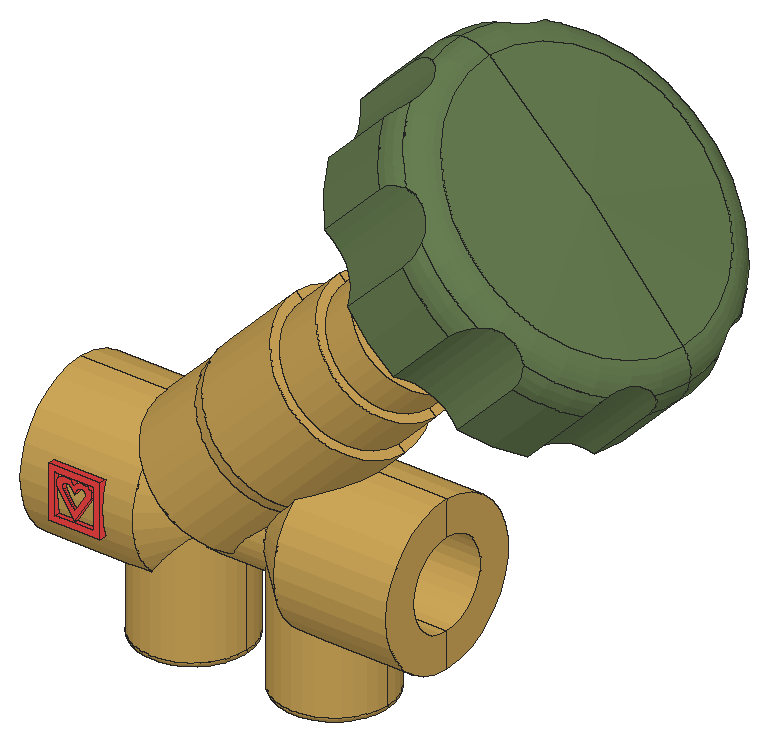
Revit family "Absperrventil 4125 WD", category Rohrzubehör, Revit 2021
Family settings
  Bemaßung runder Anschluss = Durchmesser verwenden
  Teiletyp = Unterbricht
  OmniClass-Nummer = 23.65.55.14
  OmniClass-Titel = Valves for Liquid Services
  Arbeitsebenenbasiert = Nein
  Immer vertikal = Ja
  Beim Laden mit Abzugskörper schneiden = Nein
  Gemeinsam genutzt = Nein
Parameters
  W01 = 45.00°  # constant formula
  Vorgabe-Ansicht = 0 mm
  URL = "www.herz-armaturen.at"
  Technische möglicher Einsatz = " "  # constant formula
  Spindel = "Messing CW617N"  # constant formula
  SW01 = 60.00°  # constant formula
  SC_NennweiteBerechnet = 0
  SC_Dimension = ""
  SCTWSEQ = "FW_SBT_TYP_FW=\"109\";2"
  SCTWCODE = "04;00;02"  # constant formula
  S03 = 60 mm  # constant formula
  S02 [instance] = L06 + L09 + L12 + L15  # 77.9 mm
  S01 [instance] = R01 * 2  # 27 mm
  R12 [instance] = R01 - 1 mm  # 12.5 mm
  R11 [instance] = size_lookup("4125WD_", "R11", 46.5 mm, Nennweite)  # 5.1 mm
  R100 = 1 mm  # constant formula
  R10 [instance] = size_lookup("4125WD_", "R10", 46.5 mm, Nennweite)  # 8 mm
  R09 [instance] = size_lookup("4125WD_", "R9", 46.5 mm, Nennweite)  # 10.5 mm
  R08 [instance] = size_lookup("4125WD_", "R8", 46.5 mm, Nennweite)  # 12 mm
  R07 [instance] = size_lookup("4125WD_", "R7", 46.5 mm, Nennweite)  # 13.5 mm
  R06 [instance] = size_lookup("4125WD_", "R6", 43 mm, Nennweite)  # 13 mm
  R05 [instance] = Nennweite / 2  # 7.5 mm
  R03 = 9.5 mm  # constant formula
  R02 [instance] = Nennweite / 2  # 7.5 mm
  R01 [instance] = size_lookup("4125WD_", "R1", 11.5 mm, Nennweite)  # 13.5 mm
  Oberteil = "entzinkungsbeständiges Messing CW626N"  # constant formula
  Nennweite [instance] = 15 mm
  Min. Durchfluss bei Dp 10 kPa [instance] = if(Nennweite = 15 mm, 0.5 L/s, if(Nennweite = 20 mm, 1.0 L/s, if(Nennweite = 25 mm, 1.75 L/s, if(Nennweite = 32 mm, 3.0 L/s, if(Nennweite = 40 mm, 4.0 L/s, if(Nennweite = 50 mm, 6.75 L/s, if(Nennweite = 65 mm, 11.0 L/s, if(Nennweite = 80 mm, 16.0 L/s, 0.0 L/s))))))))  # 0.5 L/s
  Medium = "Trinkwasser"  # constant formula
  Max. Gebrauchstemperatur (ÖVGW) = 65 °C  # constant formula
  Max. Differenzdruck auf geschlossenen Sitz = 1000000.0 Pa  # constant formula
  Max. Betriebstemperatur = 80 °C  # constant formula
  Max. Betriebsdruck (ÖVGW) = 1000000.0 Pa  # constant formula
  Max. Betriebsdruck = 2000000.0 Pa  # constant formula
  L16 [instance] = L01 / 2  # 10 mm
  L15 [instance] = size_lookup("4125WD_", "L15", 12.4 mm, Nennweite)  # 12.4 mm
  L14 [instance] = size_lookup("4125WD_", "L14", 81 mm, Nennweite)  # 6 mm
  L12 [instance] = size_lookup("4125WD_", "L12", 81 mm, Nennweite)  # 26 mm
  L11 [instance] = size_lookup("4125WD_", "L11", 60 mm, Nennweite)  # 6.7 mm
  L10 [instance] = size_lookup("4125WD_", "L10", 20 mm, Nennweite)  # 9.3 mm
  L09 [instance] = size_lookup("4125WD_", "L9", 11 mm, Nennweite)  # 17 mm
  L08 [instance] = size_lookup("4125WD_", "L8", 35 mm, Nennweite)  # 20 mm
  L07 [instance] = size_lookup("4125WD_", "L7", 35 mm, Nennweite)  # 12.5 mm
  L06 [instance] = size_lookup("4125WD_", "L6", 118 mm, Nennweite) - L09  # 22.5 mm
  L03 = 15 mm  # constant formula
  L02 [instance] = size_lookup("4125WD_", "L2", 22 mm, Nennweite)  # 6 mm
  L01 [instance] = size_lookup("4125WD_", "L1", 48 mm, Nennweite)  # 20 mm
  L00 [instance] = size_lookup("4125WD_", "L", 180 mm, Nennweite)  # 65 mm
  Kegel = "entzinkungsbeständiges Messing CW626N"  # constant formula
  Hinweis = "Gemäß Art 33 der REACH-Verordnung (EG Nr. 1907/2006) sind wir verpflichtet, darauf hinzuweisen, dass der Stoff Blei auf der SVHC-Liste geführt wird und dass alle aus Messing bestehenden Bauteile, die in unseren Erzeugnissen verarbeitet sind, mehr als 0,1 % (w/w) Blei (CAS: 7439-92-1 / EINECS: 231-100-4) enthalten.\r\nDa Blei als Legierungsbestandteil fest gebunden ist, sind keine Expositionen zu erwarten und daher sind keine zusätzlichen Angaben zur sicheren Verwendung notwendig."
  Hersteller = "HERZ Armaturen Ges.m.b.H."  # constant formula
  Handrad = "Kunststoff, grün"  # constant formula
  H01 [instance] = size_lookup("4125WD_", "H1", 53 mm, Nennweite)  # 24 mm
  Gelegentliche Temperaturanstiege = "bis 95°C, wenn sie nicht länger als 1 h andauern"  # constant formula
  Gehäuse = "entzinkungsbeständiges Gussmessing CC770S"  # constant formula
  Dichtungen = "EPDM nach KTW"  # constant formula
  DN80 [instance] = Nennweite = 80 mm  # no
  DN65 [instance] = Nennweite = 65 mm  # no
  DN50 [instance] = Nennweite = 50 mm  # no
  DN40 [instance] = Nennweite = 40 mm  # no
  DN32 [instance] = Nennweite = 32 mm  # no
  DN25 [instance] = Nennweite = 25 mm  # no
  DN20 [instance] = Nennweite = 20 mm  # no
  DN15 [instance] = Nennweite = 15 mm  # yes
  Bestellnummer [instance] = size_lookup("4125WD_", "Artnr", 0, Nennweite)  # 2412561
  Anwendungsgebiet = "Zum Absperren von Trinkwasserleitungen in Gebäuden."
Reference planes
  plane 1 "Mitte (Vorne/hinten)": y = 0
  plane 2: z = 0
  plane 3 "Mitte (Links/rechts)": x = 0
Forms (mm)
  Revolve 1, solid, material "Messing, weicher Gelbton, geschweißt", detail levels fine
    sketch origin (470, 0, 0) x (1, 0, 0) y (0, 0, 1)
      loop
        line (-502.5, 7.5) -> (-487.5, 7.5) -> (-487.5, 0) -> (-452.5, 0) -> (-452.5, 7.5) -> (-437.5, 7.5) -> (-437.5, 13.5) -> (-457.5, 13.5) -> (-464, 7.5) -> (-476, 7.5) -> (-482.5, 13.5) -> (-502.5, 13.5) -> (-502.5, 7.5)
      axis (-502.5, 0) -> (-437.5, 0)
    angle from 0 to 360
  Revolve 2, solid, material "Messing, weicher Gelbton, geschweißt", detail levels fine
    sketch origin (470, 0, 0) x (1, 0, 0) y (0, 0, 1)
      loop
        line (-492, 0) -> (-492, -23)
        arc (-492, -23) -> (-491.707, -23.707) -> (-491, -24) r 1
        line (-491, -24) -> (-482.5, -24) -> (-482.5, 0) -> (-492, 0)
      axis (-482.5, 0) -> (-482.5, -24)
    angle from 0 to 360
  Revolve 3, solid, material "Messing, weicher Gelbton, geschweißt", detail levels fine
    sketch origin (-470, 0, 0) x (-1, 0, 0) y (0, 0, 1)
      loop
        line (-492, 0) -> (-492, -23)
        arc (-492, -23) -> (-491.707, -23.707) -> (-491, -24) r 1
        line (-491, -24) -> (-482.5, -24) -> (-482.5, 0) -> (-492, 0)
      axis (-482.5, 0) -> (-482.5, -24)
    angle from 0 to 360
  Revolve 4, solid, material "Messing, weicher Gelbton, geschweißt", detail levels fine
    sketch origin (0.32, 0, -0.105) x (1, 0, 0) y (0, 0, 1)
      loop
        line (-12.82, 0) -> (42.264, 55.084) -> (38.657, 58.69) -> (29.889, 49.922) -> (27.839, 51.972) -> (20.767, 44.901) -> (19, 46.669) -> (14.262, 41.931) -> (13.201, 42.992) -> (6.625, 36.416) -> (5.565, 37.477) -> (-6.456, 25.456) -> (-7.87, 23.335) -> (-17.77, 13.435) -> (-18.123, 5.303) -> (-12.82, 0)
      axis (-12.82, 0) -> (42.264, 55.084)
    angle from 0 to 360
Lines and regions (mm)
  model lines, detail levels coarse+medium
    curve 1: line (-32.5, 0, 13.5) -> (-32.5, 0, -13.5)
    curve 2: line (-32.5, 0, -13.5) -> (32.5, 0, 13.5)
    curve 3: line (32.5, 0, 13.5) -> (32.5, 0, -13.5)
    curve 4: line (32.5, 0, -13.5) -> (-32.5, 0, 13.5)
    curve 5: line (0, 0, 0) -> (38.95, 0, 67.463)
    curve 6: line (12.969, 0, 82.463) -> (64.931, 0, 52.463)
    curve 7: line (-32.5, 13.5, 0) -> (-32.5, -13.5, 0)
    curve 8: line (-32.5, -13.5, 0) -> (32.5, 13.5, 0)
    curve 9: line (32.5, 13.5, 0) -> (32.5, -13.5, 0)
    curve 10: line (32.5, -13.5, 0) -> (-32.5, 13.5, 0)
    curve 11: line (0, 0, 0) -> (38.95, 67.463, 0)
    curve 12: line (12.969, 82.463, 0) -> (64.931, 52.463, 0)
Dimensions and locks
  "H01": plane 2 to Revolve 2 sketch curve
  "L00": Revolve 1 sketch curve to Revolve 1 sketch curve
  equal spacing: Revolve 1 sketch curve, plane 3 "Mitte (Links/rechts)", Revolve 1 sketch curve
  "R01": Revolve 1 sketch curve to Revolve 1 sketch curve  (x2)
  "R02": Revolve 1 sketch curve to Revolve 1 sketch curve  (x3)
  "L01": Revolve 1 sketch curve to Revolve 1 sketch curve  (x2)
  "L02": plane 3 "Mitte (Links/rechts)" to Revolve 1 sketch curve
  "L02": Revolve 1 sketch curve to plane 3 "Mitte (Links/rechts)"
  "L03": Revolve 1 sketch curve to Revolve 1 sketch curve  (x2)
  "L01": Revolve 1 to Revolve 2 sketch curve
  "R03": Revolve 2 sketch curve to Revolve 2 sketch curve
  "L01": Revolve 3 sketch curve to Revolve 1
  "R03": Revolve 3 sketch curve to Revolve 3 sketch curve
  "H01": plane 2 to Revolve 3 sketch curve
  "R07": Revolve 4 sketch curve to Revolve 4 sketch curve
  "L07": plane 3 "Mitte (Links/rechts)" to Revolve 4 sketch curve
  "R05": Revolve 4 sketch curve to Revolve 4 sketch curve
  "L06": Revolve 4 sketch curve to Revolve 4 sketch curve
  "L08": Revolve 4 sketch curve to Revolve 4 sketch curve
  "R06": Revolve 4 sketch curve to Revolve 4 sketch curve
  "L14": Revolve 4 sketch curve to Revolve 4 sketch curve
  "L09": Revolve 4 sketch curve to Revolve 4 sketch curve
  "R08": Revolve 4 sketch curve to Revolve 4 sketch curve
  "L10": Revolve 4 sketch curve to Revolve 4 sketch curve
  "R09": Revolve 4 sketch curve to Revolve 4 sketch curve
  "R10": Revolve 4 sketch curve to Revolve 4 sketch curve
  "L12": Revolve 4 sketch curve to Revolve 4 sketch curve
  "R11": Revolve 4 sketch curve to Revolve 4 sketch curve
  "L15": Revolve 4 sketch curve to Revolve 4 sketch curve
  "L11": Revolve 4 sketch curve to Revolve 4 sketch curve
  "R12": nested 9 to plane 1 "Mitte (Vorne/hinten)"
  "L16": Revolve 1 to nested 9
  equal spacing: curve 1, plane 3 "Mitte (Links/rechts)", curve 3
  "L00": curve 1 to curve 3
  equal spacing: curve 4, plane 2, curve 2
  "S01": curve 4 to curve 2
  equal spacing: curve 3, plane 2, curve 4
  "S01": curve 3 to curve 4
  "S02": curve 5 to curve 5
  equal spacing: curve 6, curve 5, curve 6
  "S03": curve 6 to curve 6
  equal spacing: curve 7, plane 3 "Mitte (Links/rechts)", curve 9
  "L00": curve 7 to curve 9
  equal spacing: curve 8, plane 1 "Mitte (Vorne/hinten)", curve 10
  "S01": curve 10 to curve 8
  equal spacing: curve 10, plane 1 "Mitte (Vorne/hinten)", curve 9
  "S01": curve 9 to curve 10
  "S02": curve 11 to curve 11
  equal spacing: curve 12, curve 11, curve 12
  "S03": curve 12 to curve 12
  "R100": radius of Revolve 2 sketch curve
  "R100": radius of Revolve 3 sketch curve
  "W01": angle plane 2 to Revolve 4 sketch curve
  "W01": angle level to Revolve 4 sketch curve
  "SW01": angle plane 2 to curve 5
  "SW01": angle plane 1 "Mitte (Vorne/hinten)" to curve 11
  aligned and locked: level to plane 2
Automatic sketch dimensions
  curve 5 to level = 0 mm
  plane 1 "Mitte (Vorne/hinten)" to curve 11 = 0 mm
  Revolve 1 sketch curve to level = 0 mm  (x2)
  Revolve 1 sketch curve to Revolve 1 sketch curve = 791.99 mm
  Revolve 1 sketch curve to Revolve 1 sketch curve = 2278.983 mm
  Revolve 2 sketch curve to level = 0 mm  (x2)
  Revolve 2 sketch curve to Revolve 2 sketch curve = 0 mm
  Revolve 2 sketch curve to Revolve 2 sketch curve = 0.292 mm
  Revolve 3 sketch curve to level = 0 mm  (x2)
  Revolve 3 sketch curve to Revolve 3 sketch curve = 0 mm
  Revolve 3 sketch curve to Revolve 3 sketch curve = 0.292 mm
  Revolve 4 sketch curve to level = 0.105 mm
  Revolve 4 sketch curve to Revolve 4 sketch curve = 0 mm  (x2)
Nested families
  nested 1: "Strömax-Handrad_Schrägsitz (Grün)" at (42.584, 0, 54.979), visible <- "DN15", type "Strömax-Handrad_Schrägsitz (Grün)", detail levels fine
    with Nennweite 0 mm, Gewicht 0.00 kg, Bestellnummer 0
  nested 2: "Strömax-Handrad_Schrägsitz (Grün)" at (54.312, 0, 67.707), visible <- "DN20", type "Strömax-Handrad_Schrägsitz (Grün)", detail levels fine
    with Nennweite 0 mm, Gewicht 0.00 kg, Bestellnummer 0
  nested 3: "Strömax-Handrad_Schrägsitz (Grün)" at (62.469, 0, 80.364), visible <- "DN25", type "Strömax-Handrad_Schrägsitz (Grün)", detail levels fine
    with Nennweite 0 mm, Gewicht 0.00 kg, Bestellnummer 0
  nested 4: "Strömax-Handrad_Schrägsitz (Grün)" at (71.712, 0, 91.607), visible <- "DN32", type "Strömax-Handrad_Schrägsitz (Grün)", detail levels fine
    with Nennweite 0 mm, Gewicht 0.00 kg, Bestellnummer 0
  nested 5: "Strömax-Handrad_Schrägsitz (Grün)" at (80.399, 0, 101.294), visible <- "DN40", type "Strömax-Handrad_Schrägsitz (Grün)", detail levels fine
    with Nennweite 0 mm, Gewicht 0.00 kg, Bestellnummer 0
  nested 6: "Strömax-Handrad_Schrägsitz (Grün)" at (97.83, 0, 129.225), visible <- "DN50", type "Strömax-Handrad_Schrägsitz (Grün)", detail levels fine
    with Nennweite 0 mm, Gewicht 0.00 kg, Bestellnummer 0
  nested 7: "Strömax-Handrad_Schrägsitz (Grün)" at (114.482, 0, 149.378), visible <- "DN65", type "Strömax-Handrad_Schrägsitz (Grün)", detail levels fine
    with Nennweite 0 mm, Gewicht 0.00 kg, Bestellnummer 0
  nested 8: "Strömax-Handrad_Schrägsitz (Grün)" at (140.423, 0, 183.319), visible <- "DN80", type "Strömax-Handrad_Schrägsitz (Grün)", detail levels fine
    with Nennweite 0 mm, Gewicht 0.00 kg, Bestellnummer 0
  nested 9: "Herz-Logo-vorne" at (-22.5, -13.232, 0) x (0, 1, 0) z (0, 0, 1), type "Herz-Logo-vorne", detail levels fine
Connectors
  piping at (-17.5, 0, 0), diameter 15, driven by "Nennweite"
    settings: on Revolve 1, index 1, connector inside diameter 609.6 mm, connector length 0 mm, flow factor 0, pipe flow 0.0 L/s, pressure drop 0.0 Pa, fitting loss kfactor 0, connector angle 0.00°, fixture units 0, engagement length 0 mm, angle of deflection 0.00°, flow configuration 0, flow direction 1, fitting loss method 0, system type 29, joint type 0, gender type 0, connector reference index -1, connector utility 0, adjustable connector no, is connector primary yes, connector description ""
  piping at (17.5, 0, 0), diameter 15, driven by "Nennweite"
    settings: on Revolve 1, index 2, connector inside diameter 609.6 mm, connector length 0 mm, flow factor 0, pipe flow 0.0 L/s, pressure drop 0.0 Pa, fitting loss kfactor 0, connector angle 0.00°, fixture units 0, engagement length 0 mm, angle of deflection 0.00°, flow configuration 0, flow direction 2, fitting loss method 0, system type 29, joint type 0, gender type 0, connector reference index -1, connector utility 0, adjustable connector no, is connector primary no, connector description ""
Definition of nested family "Strömax-Handrad_Schrägsitz (Grün)"
  Parameters (values of type "Strömax-Handrad_Schrägsitz (Grün)")
    Default Elevation = 0 mm
    URL = "www.herz-armaturen.at"
    Nennweite [instance] = 0 mm
    Manufacturer = "Herz Armaturen GmbH"  # constant formula
    Gewicht [instance] = 0.00 kg
    Bestellnummer [instance] = 0
  Reference planes
    plane 1 "Mitte (Vorne/hinten)": y = 0
    plane 2: z = 0
    plane 3 "Mitte (Links/rechts)": x = 0
  Forms (mm)
    Revolve 1, solid
      sketch origin (0, 0, 0) x (0.707107, 0, -0.707107) y (0.707107, 0, 0.707107)
        loop
          line (0, 0) -> (0, 22)
          arc (0, 22) -> (-12.15, 21.705) -> (-24.271, 20.819) r 250
          arc (-24.271, 20.819) -> (-26.831, 19.959) -> (-28.754, 18.063) r 6
          arc (-28.754, 18.063) -> (-29.682, 16.008) -> (-30, 13.776) r 8
          line (-30, 13.776) -> (-30, 0) -> (0, 0)
        axis (0, 22) -> (0, 0)
      angle from 0 to 360
    Extrusion 2, void
      sketch origin (0, 0, 0) x (0.707107, 0, -0.707107) y (0, 1, 0)
        loop
          circle (14.351, -34.645) r 10
      from 0 to 22
    Extrusion 3, void
      sketch origin (0, 0, 0) x (-0.707107, 0, 0.707107) y (0, -1, 0)
        loop
          circle (14.351, 34.645) r 10
      from 0 to 22
    Extrusion 4, void
      sketch origin (0, 0, 0) x (0, -1, 0) y (0.707107, 0, -0.707107)
        loop
          circle (14.351, 34.645) r 10
      from 0 to 22
    Extrusion 5, void
      sketch origin (0, 0, 0) x (0, 1, 0) y (-0.707107, 0, 0.707107)
        loop
          circle (14.351, -34.645) r 10
      from 0 to 22
    Extrusion 6, void
      sketch origin (0, 0, 0) x (0, -1, 0) y (0.707107, 0, -0.707107)
        loop
          circle (14.351, -34.645) r 10
      from 0 to 22
    Extrusion 7, void
      sketch origin (0, 0, 0) x (0, 1, 0) y (-0.707107, 0, 0.707107)
        loop
          circle (14.351, 34.645) r 10
      from 0 to 22
    Extrusion 8, void
      sketch origin (0, 0, 0) x (0.707107, 0, -0.707107) y (0, 1, 0)
        loop
          circle (14.351, 34.645) r 10
      from 0 to 22
    Extrusion 9, void
      sketch origin (0, 0, 0) x (-0.707107, 0, 0.707107) y (0, -1, 0)
        loop
          circle (14.351, -34.645) r 10
      from 0 to 22
  Cuts and joins
    Extrusion 2, Extrusion 3, Extrusion 4, Extrusion 5, Extrusion 6, Extrusion 7, Extrusion 8, Extrusion 9 cuts Revolve 1
  Dimensions and locks
    aligned and locked: level to plane 2
Definition of nested family "Herz-Logo-vorne"
  Parameters (values of type "Herz-Logo-vorne")
    Default Elevation = 0 mm
  Reference planes
    plane 1 "Mitte (Vorne/hinten)": y = 0
    plane 2: z = 0
    plane 3 "Mitte (Links/rechts)": x = 0
  Forms (mm)
    Extrusion 1, solid
      sketch origin (0.732, -0.018, 0.017) x (0, -1, 0) y (0, 0, 1)
        loop
          line (-0.018, -4.517) -> (4.482, -4.517) -> (4.482, 4.483) -> (-4.518, 4.483) -> (-4.518, -4.517) -> (-0.018, -4.517)
        loop
          line (-0.05, -3.48) -> (3.482, -3.48) -> (3.482, 3.483) -> (-3.518, 3.483) -> (-3.518, -3.48) -> (-0.05, -3.48)
        loop
          arc (-0.018, 2.383) -> (-1.543, 3.287) -> (-3.067, 2.383) r 1.738
          arc (-3.067, 2.383) -> (-3.191, 1.899) -> (-3.067, 1.415) r 1.009
          line (-3.067, 1.415) -> (-0.018, -3.281) -> (3.032, 1.415)
          arc (3.032, 1.415) -> (3.156, 1.899) -> (3.032, 2.383) r 1.009
          arc (3.032, 2.383) -> (1.507, 3.287) -> (-0.018, 2.383) r 1.738
        loop
          arc (1.885, 1.272) -> (2.005, 1.675) -> (1.885, 2.079) r 0.74
          arc (1.885, 2.079) -> (1.265, 2.416) -> (0.644, 2.079) r 0.74
          line (0.644, 2.079) -> (-0.018, 0.97) -> (-0.679, 2.079)
          arc (-0.679, 2.079) -> (-1.3, 2.416) -> (-1.921, 2.079) r 0.74
          arc (-1.921, 2.079) -> (-2.04, 1.675) -> (-1.921, 1.272) r 0.74
          line (-1.921, 1.272) -> (-0.018, -1.658) -> (1.885, 1.272)
      from 0 to 1.5
  Dimensions and locks
    aligned and locked: level to plane 2
